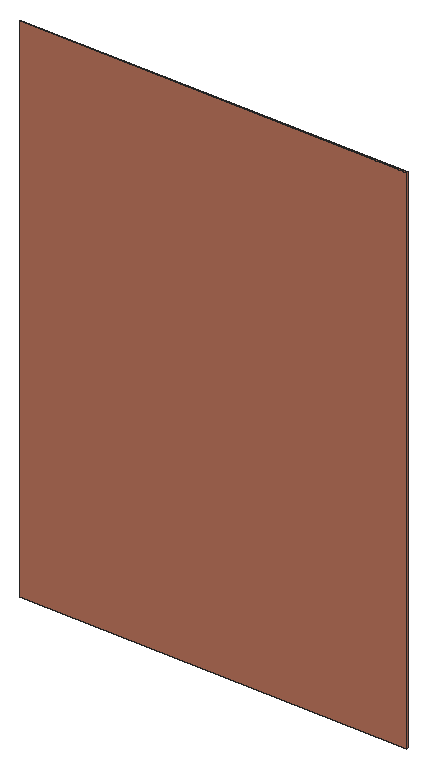
Revit family "FaEl_ExteriorIndividualDecor", category Fassadenelemente, Revit 2019
Family settings
  OmniClass-Nummer = 23.25.00.00
  OmniClass-Titel = Structural and Space Division Products
  Immer vertikal = Ja
  Beim Laden mit Abzugskörper schneiden = Nein
  Gemeinsam genutzt = Nein
Parameters (values of type "2800x1300x0010")
  Water_Vapour_Diffusion_Resistance = "17.200 μ"
  Warranty_Start_Date [instance] = "1900-12-31T23:59:59"
  Warranty_Guarantor_Labor = "n/a"
  Warranty_Duration_Unit = "year"
  Warranty_Duration_Labor = "n/a"
  Warranty_Description = "n/a"
  Version = "3"
  Versatz_positive [instance] = if(Panel_Offset_from_Wall > 0 mm, Panel_Offset_from_Wall, 0 mm)  # 0 mm
  Versatz_negative [instance] = if(Panel_Offset_from_Wall < 0 mm, abs(Panel_Offset_from_Wall), 0 mm)  # 0 mm
  Tolerances = "0-10 mm to BS EN 438-6"
  Thickness_Options = "2-15 mm"
  Thermal_Expansion_Coefficient = "18x10^-6 1/K"
  Thermal_Conductivity = "0.3 W/mK"
  Tensile_Strength = "≥ 80 MPa"
  Tag_Number [instance] = "n/a"
  Sustainability_Performance = "n/a"
  SurfaceSpreadOfFlame = "n/a"
  Surface = "NT"
  Specials = "n/a"
  Size = "2800x1300x10mm"
  Shape = "Rectangle"
  Serial_Number [instance] = "n/a"
  Revision = "n/a"
  ReplacementCost = "n/a"
  Reference = "n/a"
  Product_Information = "www.ribaproductselector.com/Docs/0/27580/external/COL394192.pdf"
  Panel_Thickness = 10 mm
  Panel_Size_Width = "1300"
  Panel_Size_Length = "2800"
  Panel_Offset_from_Wall [instance] = 0 mm
  Panel_Material = FunderMax_CompactOrSolidGradeLaminatesHPL_ExteriorIndividualDecor
  Modulus_Of-Elasticity = "≥ 9.0 MPa"
  Model_Number = "n/a"
  Manufacturer_URL = "www.fundermax.at/en.html"
  Manufacturer_Name = "FunderMax GmbH"
  IsExternal = yes
  Installation_Date [instance] = "1900-12-31T23:59:59"
  IfcExportType = "NOTDEFINED"
  IfcExportAs = "IfcCoveringType"
  Grade = "To BS EN 438-6, Type EDF"
  FragilityRating = "n/a"
  Flexural_Strength = "≥ 90 MPa"
  FlammabilityRating = "n/a"
  FireRating = "Euroclass B-s2, d0"
  Finish_Options = "Slabs, triangle, cone, bowl, wave small grey, wave gold large, naturell, letter, bubble, knitter"
  Features = "Graffitti-resistant, weather-resistant, flame-retardant core, lightfast, double-hardened, scratch and solvent resistant, easy to clean, custom shapes also available"
  Expected_Life = "n/a"
  Edges = "n/a"
  Duration_Unit = "year"
  Curtain_Wall_Mark [instance] = ""
  Core = "Brown core, F-quality"
  Constituents = "n/a"
  Combustible = no
  Color = "n/a"
  Code_Performance = "n/a"
  Certification = "CE- marked, BBA 12/4937"
  Bar_Code [instance] = ""
  Asset_Identifier [instance] = ""
  AssetType = "Fixed"
  Apparent_Density = "1.35 g/cm³"
  Analytische Konstruktion = "<Keine Auswahl>"
  AcousticRating = "n/a"
  Accessibility_Performance = "n/a"
Types (3, lengths in mm): name | Size | Panel_Thickness | Panel_Size_Width | Panel_Size_Length
  4100x1300x0010 | "4100x1300x0010" | 2 | "1300" | "4100"
  2800x1300x0010 | "2800x1300x10mm" | 10 | "1300" | "2800"
  2140x2060x0010 | "2140x1060x10mm" | 10 | "1060" | "2140"
Reference planes
  plane 1 "Mitte (Vorne/hinten)": y = 0
  plane 2: z = 0
  plane 3 "Mitte (Links/rechts)": x = 0
  plane 4 "Links": x = -1500
  plane 5 "Rechts": x = 1500
  plane 6 "Oberkante": z = 4000
  plane 7: z = 4000
  plane 8: x = 1500
  plane 9: z = 0
  plane 10: x = -1500
  plane 11: y = 0
  plane 12: y = 0
  plane 13: y = 5
  plane 14: y = -5
Forms (mm)
  Extrusion 1, solid, material "FunderMax_CompactOrSolidGradeLaminatesHPL_ExteriorIndividualDecor" <- "Panel_Material"
    sketch origin (0, 0, 0) x (1, 0, 0) y (0, 0, 1)
      loop
        line (1500, 4000) -> (-1500, 4000) -> (-1500, 0) -> (1500, 0) -> (1500, 4000)
    from -5 to 5
Text (mm)
  text "Aussenseite" at (183.798, 300.536, 0), in view "Referenzebene"
  text "Exterior" at (0, 991.218, 3852.818), in view "Links"
  text "Exterior" at (0, 1328.187, 4120.349), in view "Rechts"
  text "Hinweis:\nÄndern Sie die Familienkategorie, um Fassadenfenster oder -türen zu definieren\n\nLöschen Sie diesen Hinweis, bevor Sie die Familie verwenden." at (1592.819, 360.786, 0), in view "Referenzebene"
Dimensions and locks
  equal spacing: plane 4 "Links", plane 3 "Mitte (Links/rechts)", plane 5 "Rechts"
  plane 7 to plane 6 "Oberkante" = 0 mm
  plane 2 to plane 9 = 0 mm
  plane 8 to plane 5 "Rechts" = 0 mm
  plane 4 "Links" to plane 10 = 0 mm
  "Versatz_positive": plane 1 "Mitte (Vorne/hinten)" to plane 11
  "Versatz_negative": plane 11 to plane 12
  equal spacing: plane 13, plane 12, plane 14
  "Panel_Thickness": plane 13 to plane 14
  aligned and locked: level to plane 2
  aligned and locked: Extrusion 1 sketch curve to plane 7
  aligned and locked: Extrusion 1 sketch curve to plane 8
  aligned and locked: Extrusion 1 sketch curve to plane 9
  aligned and locked: plane 10 to Extrusion 1 sketch curve
  aligned and locked: Extrusion 1 to plane 14
  aligned and locked: plane 13 to Extrusion 1
